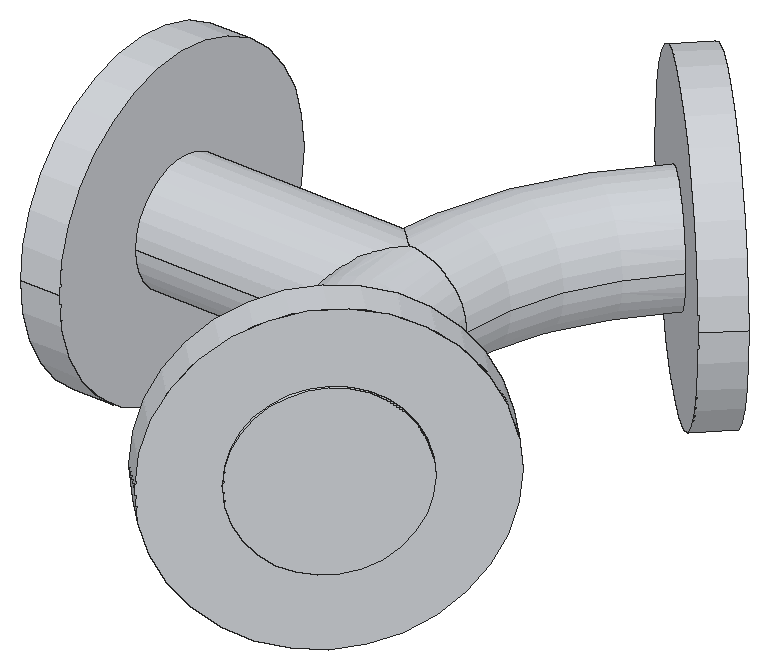
Revit family "M_Real Y - Flange - GI - Classe 250", category Conexões de tubo, Revit 2019
Family settings
  Cota do conector redondo = Usar raio
  Tipo de parte = Ipsílon
  Número OmniClass = 23.60.30.11.14
  Título OmniClass = Pipework Fittings
  ID de item do Seek = Wye True - Flanged - GI - Class 250-0000-CAN-ENU
  Com base no plano de trabalho = Não
  Sempre na vertical = Sim
  Corte com vazios quando carregada = Não
  Compartilhado = Não
Parameters (values of type "Padrão")
  Espessura da parede [instance] = size_lookup(Nome da tabela de pesquisa, "WThk", 0.055 * Diâmetro nominal + 9.624 mm, Diâmetro nominal)  # 11.1 mm
  Método de perda = Não definido
  Nome da tabela de pesquisa = "M_Wye True - Flanged - GI - Class 250"
  Comprimento C3 2 [instance] = Comprimento 6 + Raio 2 - Raio 2 * cos(Ângulo 4) + Espessura do flange * sin(Ângulo 4)  # 102.231 mm
  Comprimento C3 1 [instance] = Raio 2 * sin(Ângulo 4) + Espessura do flange * cos(Ângulo 4)  # 102.231 mm
  Comprimento C2 2 [instance] = Comprimento 6 + Raio 1 - Raio 1 * cos(Ângulo 3) + Espessura do flange * sin(Ângulo 3)  # 102.231 mm
  Comprimento C2 1 [instance] = Raio 1 * sin(Ângulo 3) + Espessura do flange * cos(Ângulo 3)  # 102.231 mm
  Comprimento 10 [instance] = Espessura do flange  # 17.5 mm
  Tamanho da marca de revisão [instance] = Diâmetro da flange * 0.4  # 49.6 mm
  Centro curto até a face [instance] = size_lookup(Nome da tabela de pesquisa, "SCtF", 0.35 * Diâmetro nominal + 47.427 mm, Diâmetro nominal)  # 57 mm
  Espessura da face elevada [instance] = 1.587 mm  # constant formula
  Raio da face elevada [instance] = Diâmetro da face elevada / 2  # 34 mm
  Diâmetro da face elevada [instance] = size_lookup(Nome da tabela de pesquisa, "RFD", 1.2 * Diâmetro nominal + 50.899 mm, Diâmetro nominal)  # 68 mm
  Raio 1 [instance] = if(Diâmetro da flange * 2 / 2 > Comprimento 3 * tan(Ângulo 1), Diâmetro da flange * 2 / 2 + 3.076 mm, Comprimento 3 * tan(Ângulo 1))  # 127.076 mm
  Raio 2 [instance] = if(Diâmetro da flange * 2 / 2 > sin(Ângulo 2) * Comprimento 6 / (1 - sin(Ângulo 2)), Diâmetro da flange * 2 / 2 + 3.076 mm, sin(Ângulo 2) * Comprimento 6 / (1 - sin(Ângulo 2)))  # 127.076 mm
  Comprimento 8 [instance] = Espessura do flange - Espessura da face elevada  # 15.912 mm
  Comprimento 7 [instance] = Comprimento 3 + Espessura do flange  # 102 mm
  Comprimento 6 [instance] = Comprimento 4 - Raio 1  # 52.637 mm
  Comprimento 4 [instance] = Raio 1 / sin(Ângulo 1)  # 179.712 mm
  Comprimento 5 [instance] = Raio 2 + Comprimento 6  # 179.712 mm
  Comprimento 3 [instance] = if(Comprimento 1 < Comprimento 2, Centro à face - Espessura do flange, Comprimento 1 / sin(Ângulo 5))  # 84.5 mm
  Comprimento 2 [instance] = (Centro à face - Espessura do flange) * sin(Ângulo 5)  # 59.751 mm
  Comprimento 1 [instance] = Raio da flange * cos(Ângulo 5)  # 43.841 mm
  Raio externo da conexão [instance] = Diâmetro externo da conexão / 2  # 23.6 mm
  Diâmetro externo da conexão [instance] = Diâmetro interno da conexão + Espessura da parede * 2  # 47.2 mm
  Centro à face [instance] = size_lookup(Nome da tabela de pesquisa, "CtF", 0.82 * Diâmetro nominal + 88.702 mm, Diâmetro nominal)  # 102 mm
  Raio nominal [instance] = 12.5 mm
  Diâmetro nominal [instance] = Raio nominal * 2  # 25 mm
  Espessura do flange [instance] = size_lookup(Nome da tabela de pesquisa, "FThk", 0.083 * Diâmetro nominal + 21.53 mm, Diâmetro nominal)  # 17.5 mm
  Raio da flange [instance] = Diâmetro da flange / 2  # 62 mm
  Diâmetro da flange [instance] = size_lookup(Nome da tabela de pesquisa, "FDia", 1.34 * Diâmetro nominal + 106.362 mm, Diâmetro nominal)  # 124 mm
  Diâmetro interno da conexão [instance] = size_lookup(Nome da tabela de pesquisa, "FID", 0.97 * Diâmetro nominal + 2.58 mm, Diâmetro nominal)  # 25 mm
  Ângulo 5 [instance] = if(Ângulo 1 < Ângulo 2, Ângulo 1, Ângulo 2)  # 45.00°
  Ângulo 3 [instance] = 90.00° - Ângulo 1  # 45.00°
  Ângulo 4 [instance] = 90.00° - Ângulo 2  # 45.00°
  Ângulo 1 [instance] = 45.00°
  Ângulo 2 [instance] = 45.00°
Reference planes
  plane 1 "Centro (Frente/Trás)": y = 0
  plane 2: z = 0
  plane 3 "Centro (Esquerda/Direita)": x = 0
  plane 4: x = -57
  plane 5: x = -39.5
  plane 6: x = 179.712
  plane 7: x = 52.637
  plane 8: x = 179.712
  plane 9: x = 52.637
  plane 10: y = 49.6
  plane 11: y = -49.6
  plane 12: x = -39.5
  plane 13: x = -55.412
  plane 14: y = 102.231
  plane 15: x = 102.231
  plane 16: y = -102.231
  plane 17: x = 102.231
Forms (mm)
  Sweep 1, solid, detail levels fine
    path in 3D
      loop
        line (-39.5, 0, 0) -> (52.637, 0, 0)
    profile origin (6.568, 0, 0) x (0, 1, 0) y (0, 0, 1)
      loop
        circle (0, 0) r 23.6
  Sweep 2, solid, detail levels fine
    path in 3D
      loop
        line (-55.412, 0, 0) -> (-39.5, 0, 0)
    profile origin (-47.456, 0, 0) x (0, 1, 0) y (0, 0, 1)
      loop
        circle (0, 0) r 62
  Sweep 3, solid, detail levels fine
    path in 3D
      loop
        arc (52.637, 0, 0) -> (62.31, 48.63, 0) -> (89.856, 89.856, 0) r 127.076
    profile origin (62.31, 48.63, 0) x (-0.92388, 0.382683, 0) y (0, 0, 1)
      loop
        circle (0, 0) r 23.6
  Sweep 4, solid, detail levels fine
    path in 3D
      loop
        arc (52.637, 0, 0) -> (62.31, -48.63, 0) -> (89.856, -89.856, 0) r 127.076
    profile origin (62.31, -48.63, 0) x (0.92388, 0.382683, 0) y (0, 0, 1)
      loop
        circle (0, 0) r 23.6
  Sweep 5, solid, detail levels fine
    path in 3D
      loop
        line (-57, 0, 0) -> (-55.412, 0, 0)
    profile origin (-56.206, 0, 0) x (0, 1, 0) y (0, 0, 1)
      loop
        circle (0, 0) r 34
  Sweep 6, solid, detail levels fine
    path in 3D
      loop
        line (102.231, 102.231, 0) -> (89.856, 89.856, 0)
    profile origin (96.043, 96.043, 0) x (0.707107, -0.707107, 0) y (0, 0, 1)
      loop
        circle (0, 0) r 62
  Sweep 7, void
    path in 3D
      loop
        line (102.231, 102.231, 0) -> (101.108, 101.108, 0)
    profile origin (101.669, 101.669, 0) x (0.707107, -0.707107, 0) y (0, 0, 1)
      loop
        circle (0, 0) r 62
      loop
        circle (0, 0) r 34
  Sweep 8, solid, detail levels fine
    path in 3D
      loop
        line (102.231, -102.231, 0) -> (89.856, -89.856, 0)
    profile origin (96.043, -96.043, 0) x (-0.707107, -0.707107, 0) y (0, 0, 1)
      loop
        circle (0, 0) r 62
  Sweep 9, void
    path in 3D
      loop
        line (102.231, -102.231, 0) -> (101.108, -101.108, 0)
    profile origin (101.669, -101.669, 0) x (-0.707107, -0.707107, 0) y (0, 0, 1)
      loop
        circle (0, 0) r 62
      loop
        circle (0, 0) r 34
Cuts and joins
  Sweep 7 cuts Sweep 3
  Sweep 9 cuts Sweep 4
  Sweep 7 cuts Sweep 6
  Sweep 9 cuts Sweep 8
  joined: Sweep 1, Sweep 2, Sweep 3, Sweep 4, Sweep 5, Sweep 6, Sweep 8
Lines and regions (mm)
  model lines, detail levels coarse+medium
    curve 1: line (-55.412, 0, 0) -> (-39.5, 0, 0)
    curve 2: line (-39.5, 0, 0) -> (0, 0, 0)
    curve 3: arc (52.637, 0, 0) -> (62.31, 48.63, 0) -> (89.856, 89.856, 0) r 127.076
    curve 4: arc (52.637, 0, 0) -> (62.31, -48.63, 0) -> (89.856, -89.856, 0) r 127.076
    curve 5: line (-39.5, 0, 0) -> (52.637, 0, 0)
    curve 6: line (-39.5, 0, 0) -> (52.637, 0, 0)
    curve 11: line (-57, 49.6, 0) -> (-57, -49.6, 0)
    curve 13: line (-57, 0, 0) -> (-55.412, 0, 0)
    curve 15: line (102.231, 102.231, 0) -> (89.856, 89.856, 0)
    curve 20: line (102.231, -102.231, 0) -> (89.856, -89.856, 0)
    curve 25: line (102.231, 102.231, 0) -> (137.303, 67.158, 0)
    curve 26: line (102.231, 102.231, 0) -> (67.158, 137.303, 0)
    curve 27: line (102.231, -102.231, 0) -> (137.303, -67.158, 0)
    curve 28: line (102.231, -102.231, 0) -> (67.158, -137.303, 0)
  sketch lines
    curve 7: line (-39.5, 0, 0) -> (52.637, 0, 0)
    curve 8: line (-55.412, 0, 0) -> (-39.5, 0, 0)
    curve 9: arc (52.637, 0, 0) -> (62.31, 48.63, 0) -> (89.856, 89.856, 0) r 127.076
    curve 10: arc (52.637, 0, 0) -> (62.31, -48.63, 0) -> (89.856, -89.856, 0) r 127.076
    curve 14: line (-57, 0, 0) -> (-55.412, 0, 0)
    curve 16: line (102.231, 102.231, 0) -> (89.856, 89.856, 0)
    curve 18: line (102.231, 102.231, 0) -> (101.108, 101.108, 0)
    curve 21: line (102.231, -102.231, 0) -> (89.856, -89.856, 0)
    curve 23: line (102.231, -102.231, 0) -> (101.108, -101.108, 0)
  reference lines
    curve 12: line (-57, 0, 0) -> (-39.5, 0, 0)
    curve 17: line (102.231, 102.231, 0) -> (101.108, 101.108, 0)
    curve 19: line (102.231, 102.231, 0) -> (89.856, 89.856, 0)
    curve 22: line (102.231, -102.231, 0) -> (101.108, -101.108, 0)
    curve 24: line (102.231, -102.231, 0) -> (89.856, -89.856, 0)
Dimensions and locks
  "Espessura do flange": plane 4 to plane 5
  "Centro curto até a face": plane 4 to plane 3 "Centro (Esquerda/Direita)"
  "Comprimento 5": plane 3 "Centro (Esquerda/Direita)" to plane 6
  "Raio 2": plane 7 to plane 6
  "Comprimento 4": plane 3 "Centro (Esquerda/Direita)" to plane 8
  "Raio 1": plane 9 to plane 8
  "Tamanho da marca de revisão": plane 10 to plane 1 "Centro (Frente/Trás)"
  "Tamanho da marca de revisão": plane 11 to plane 1 "Centro (Frente/Trás)"
  locked: plane 4 to plane 12 at 17.5
  "Espessura da face elevada": plane 4 to plane 13
  "Comprimento C3 1": plane 14 to plane 1 "Centro (Frente/Trás)"
  "Comprimento C3 2": plane 3 "Centro (Esquerda/Direita)" to plane 15
  "Espessura do flange": curve 15 to curve 15
  "Espessura da face elevada": curve 17 to curve 17
  "Comprimento 10": curve 19 to curve 19
  "Comprimento C2 1": plane 1 "Centro (Frente/Trás)" to plane 16
  "Comprimento C2 2": plane 3 "Centro (Esquerda/Direita)" to plane 17
  "Espessura do flange": curve 20 to curve 20
  "Espessura da face elevada": curve 22 to curve 22
  "Comprimento 10": curve 24 to curve 24
  "Tamanho da marca de revisão": curve 25 to curve 25
  "Tamanho da marca de revisão": curve 26 to curve 26
  "Tamanho da marca de revisão": curve 28 to curve 28
  "Tamanho da marca de revisão": curve 27 to curve 27
  "Raio 2": radius of curve 3
  "Raio 1": radius of curve 4
  "Raio externo da conexão": radius of Sweep 1 sketch curve
  "Raio da flange": radius of Sweep 2 sketch curve
  "Raio externo da conexão": radius of Sweep 3 sketch curve
  "Raio externo da conexão": radius of Sweep 4 sketch curve
  "Raio da face elevada": radius of Sweep 5 sketch curve
  "Raio da flange": radius of Sweep 6 sketch curve
  "Raio da flange": radius of Sweep 7 sketch curve
  "Raio da face elevada": radius of Sweep 7 sketch curve
  "Raio da flange": radius of Sweep 8 sketch curve
  "Raio da flange": radius of Sweep 9 sketch curve
  "Raio da face elevada": radius of Sweep 9 sketch curve
  "Ângulo 4": angle curve 3 to curve 3
  "Ângulo 3": angle curve 4 to curve 4
  "Ângulo 4": angle curve 15 to plane 15
  "Ângulo 4": angle curve 17 to plane 15
  "Ângulo 4": angle curve 19 to plane 15
  "Ângulo 3": angle plane 17 to curve 20
  "Ângulo 3": angle plane 17 to curve 22
  "Ângulo 3": angle plane 17 to curve 24
  locked: curve 15 to curve 25 (angle 90.00°)
  locked: curve 26 to curve 15 (angle 90.00°)
  locked: curve 27 to curve 20 (angle 90.00°)
  locked: curve 20 to curve 28 (angle 90.00°)
  aligned and locked: plane 1 "Centro (Frente/Trás)" to curve 1
  aligned and locked: plane 1 "Centro (Frente/Trás)" to curve 3
  aligned and locked: plane 1 "Centro (Frente/Trás)" to curve 4
  aligned and locked: plane 5 to curve 5
  aligned and locked: plane 1 "Centro (Frente/Trás)" to curve 5
  aligned and locked: plane 10 to curve 11
  aligned and locked: plane 11 to curve 11
  aligned and locked: curve 11 to plane 4
  aligned and locked: plane 12 to curve 12
  aligned and locked: plane 4 to curve 12
  aligned and locked: plane 1 "Centro (Frente/Trás)" to curve 12
  aligned and locked: plane 13 to curve 1
  aligned and locked: plane 4 to curve 13
  aligned and locked: plane 1 "Centro (Frente/Trás)" to curve 13
  aligned and locked: plane 14 to curve 17
  aligned and locked: plane 15 to curve 17
  aligned and locked: plane 16 to curve 20
  aligned and locked: plane 17 to curve 20
  aligned and locked: plane 16 to curve 22
  aligned and locked: plane 17 to curve 22
Automatic sketch dimensions
  Sweep 1 sketch curve to profile plane = 0 mm  (x2)
  Sweep 2 sketch curve to profile plane = 0 mm  (x2)
  Sweep 3 sketch curve to profile plane = 0 mm  (x2)
  Sweep 4 sketch curve to profile plane = 0 mm  (x2)
  Sweep 5 sketch curve to profile plane = 0 mm  (x2)
  Sweep 6 sketch curve to profile plane = 0 mm  (x2)
  Sweep 7 sketch curve to Sweep 7 sketch curve = 0 mm  (x2)
  Sweep 7 sketch curve to profile plane = 0 mm  (x2)
  Sweep 8 sketch curve to profile plane = 0 mm  (x2)
  Sweep 9 sketch curve to Sweep 9 sketch curve = 0 mm  (x2)
  Sweep 9 sketch curve to profile plane = 0 mm  (x2)
  curve 2 to plane 3 "Centro (Esquerda/Direita)" = 0 mm
Connectors
  piping at (-57, 0, 0), diameter 25, driven by "Raio nominal"
    settings: on Sweep 5, index 1, connector inside diameter 25 mm, connector length 0 mm, flow factor 0, pipe flow 0.0 L/s, pressure drop 0.0 Pa, fitting loss kfactor 0, connector angle 0.00°, fixture units 0, engagement length 0 mm, angle of deflection 0.00°, flow configuration 0, flow direction 0, fitting loss method 0, system type 28, joint type 0, gender type 0, connector reference index -1, connector utility 0, adjustable connector no, is connector primary yes, connector description ""
  piping at (102.231, -102.231, 0), diameter 25, driven by "Raio nominal", driven by "Ângulo 1"
    settings: on cut or joined group of Sweep 1, Sweep 2, Sweep 3, Sweep 4, Sweep 5, Sweep 6, Sweep 7, Sweep 8, Sweep 9, index 2, connector inside diameter 25 mm, connector length 0 mm, flow factor 0, pipe flow 0.0 L/s, pressure drop 0.0 Pa, fitting loss kfactor 0, connector angle 45.00°, fixture units 0, engagement length 0 mm, angle of deflection 0.00°, flow configuration 0, flow direction 0, fitting loss method 0, system type 28, joint type 0, gender type 0, connector reference index -1, connector utility 0, adjustable connector no, is connector primary no, connector description ""
  piping at (102.231, 102.231, 0), diameter 25, driven by "Raio nominal", driven by "Ângulo 2"
    settings: on cut or joined group of Sweep 1, Sweep 2, Sweep 3, Sweep 4, Sweep 5, Sweep 6, Sweep 7, Sweep 8, Sweep 9, index 3, connector inside diameter 25 mm, connector length 0 mm, flow factor 0, pipe flow 0.0 L/s, pressure drop 0.0 Pa, fitting loss kfactor 0, connector angle 45.00°, fixture units 0, engagement length 0 mm, angle of deflection 0.00°, flow configuration 0, flow direction 0, fitting loss method 0, system type 28, joint type 0, gender type 0, connector reference index -1, connector utility 0, adjustable connector no, is connector primary no, connector description ""
